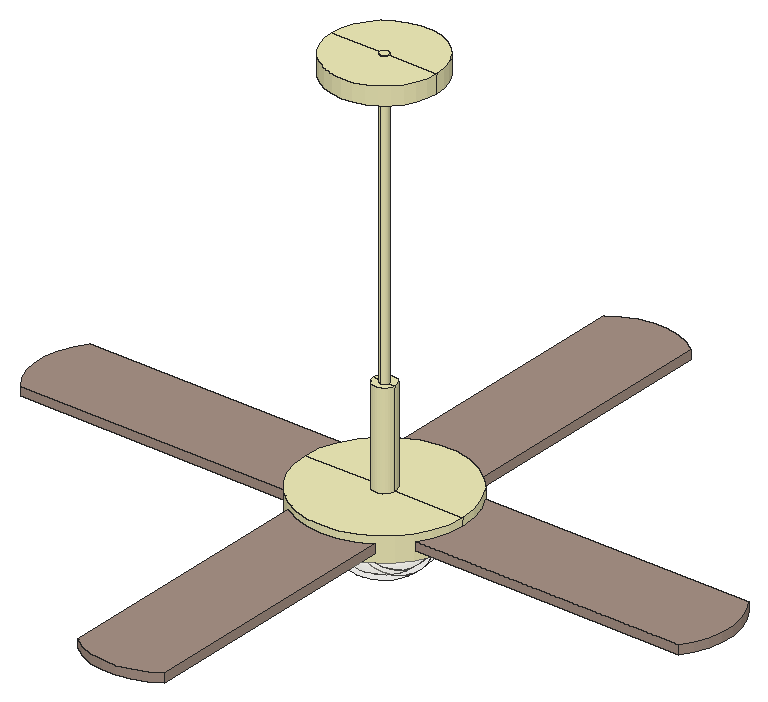
Revit family
Parameters (values of type "100 watt Incandescant")
  Wattage = 12.1178 W
  built-in parameter 1150110 = 1 (stored number, unit not read)
  built-in parameter 1114217 = 1 (stored number, unit not read)
  built-in parameter 1150109 = 1 (stored number, unit not read)
  built-in parameter 1150134 = 3
  built-in parameter 1150113 = 1 (stored number, unit not read)
  built-in parameter 1150105 = 143.24 (stored number, unit not read)
  built-in parameter 1150115 = 1 (stored number, unit not read)
  Light Source Symbol Size = 609.6 mm
  built-in parameter 1150137 = (empty or 0)
  built-in parameter 1150139 = (empty or 0)
  built-in parameter 1150112 = 1 (stored number, unit not read)
  built-in parameter 1150114 = 1 (stored number, unit not read)
  Keynote = "V"
  built-in parameter 1150132 = 2
  built-in parameter 1150102 = (empty or 0)
  built-in parameter 1150107 = 3200 (stored number, unit not read)
  built-in parameter 1150138 = (empty or 0)
  built-in parameter 1150106 = 1.4324 (stored number, unit not read)
  built-in parameter 1150104 = 13.8 (stored number, unit not read)
  Dimming Lamp Color Temperature Shift = (empty or 0)
  Color Filter = 16777215
  built-in parameter 1114218 = 1 (stored number, unit not read)
  built-in parameter 1150133 = 10 (stored number, unit not read)
  Assembly Code = "D5020220"
  Material Ceiling Mount = Metal - Brass
  Drop From Ceiling = 609.6 mm
  Material Fitting = Metal - Brass
  Material Glass = Glass - Frosted
  Lumens = 1800 lm
  Material Paddles = Wood - Walnut
  Radius Fixture = 114.3 mm
  Type Comments = "90mm Min.Radius"
  Wattage Comments = "100"
Types (3, lengths in mm): name | Wattage | built-in parameter 1150105 | built-in parameter 1150106 | Material Ceiling Mount | Drop From Ceiling | Material Fitting | Lumens | Type Comments | Wattage Comments
  (no name) | 12.1178 W | 143.24 (stored number, unit not read) | 1.4324 (stored number, unit not read) | Metal - Brass | 609.6 | Metal - Brass | 1800 lm | "90mm Min.Radius" | "100"
  100 watt Incandescant | 12.1178 W | 143.24 (stored number, unit not read) | 1.4324 (stored number, unit not read) | Metal - Brass | 609.6 | Metal - Brass | 1800 lm | "90mm Min.Radius" | "100"
  150 watt Incandescant | 18.1767 W | 214.86 (stored number, unit not read) | 2.1486 (stored number, unit not read) | Metal - Chrome | 457.2 | Metal - Chrome | 2700 lm | "90mm min Radius" | "150"
Reference planes
  plane 1 "Light Axis": y = 0
  plane 2 "Ceiling": z = 2438.4
  plane 3 "Light Axis": x = 0
  plane 4 "Light Source Elevation": z = 1828.8
  plane 5: z = 1866.9
  plane 6: z = 1854.2
Forms (mm)
  Revolve 1, solid, material "Metal - Brass" <- "Material Ceiling Mount"
    sketch origin (0, 0, 0) x (1, 0, 0) y (0, 0, 1)
      loop
        line (0, 2438.4) -> (-76.2, 2438.4) -> (-76.2, 2413) -> (0, 2377.467) -> (0, 2438.4)
      axis (0, 2438.4) -> (0, 2377.467)
    angle from 0 to 360
  Extrusion 2, solid, material "Metal - Brass" <- "Material Ceiling Mount"
    sketch origin (0, 0, 1828.8) x (0, -1, 0) y (1, 0, 0)
      loop
        circle (0, 0) r 6.35
    from 12.7 to 609.6
  Revolve 3, solid, material "Metal - Brass" <- "Material Fitting"
    sketch origin (0, 0, 0) x (0, 0, -1) y (1, 0, 0)
      loop
        line (-2012.95, 0) -> (-2012.95, -15.875) -> (-1876.875, -15.875) -> (-1876.875, -114.3) -> (-1841.5, -114.3) -> (-1841.5, -38.1) -> (-1860.55, -38.1) -> (-1860.55, 0) -> (-2012.95, 0)
      axis (-2012.95, 0) -> (-1841.5, 0)
    angle from 0 to 360
  Extrusion 4, solid, material "Wood - Walnut" <- "Material Paddles"
    sketch origin (0, 0, 1841.5) x (0, 1, 0) y (1, 0, 0)
      loop
        line (95.325, -63.069) -> (476.25, -63.069)
        arc (476.25, -63.069) -> (498.195, 0) -> (476.25, 63.069) r 101.6
        line (476.25, 63.069) -> (95.325, 63.069)
        arc (95.325, 63.069) -> (114.3, 0) -> (95.325, -63.069) r 114.3
    from -12.7 to -25.4
  Extrusion 5, solid, material "Wood - Walnut" <- "Material Paddles"
    sketch origin (0, 0, 1841.5) x (-1, 0, 0) y (0, 1, 0)
      loop
        line (95.325, -63.069) -> (476.25, -63.069)
        arc (476.25, -63.069) -> (498.195, 0) -> (476.25, 63.069) r 101.6
        line (476.25, 63.069) -> (95.325, 63.069)
        arc (95.325, 63.069) -> (114.3, 0) -> (95.325, -63.069) r 114.3
    from -12.7 to -25.4
  Extrusion 6, solid, material "Wood - Walnut" <- "Material Paddles"
    sketch origin (0, 0, 1841.5) x (0, -1, 0) y (-1, 0, 0)
      loop
        line (95.325, -63.069) -> (476.25, -63.069)
        arc (476.25, -63.069) -> (498.195, 0) -> (476.25, 63.069) r 101.6
        line (476.25, 63.069) -> (95.325, 63.069)
        arc (95.325, 63.069) -> (114.3, 0) -> (95.325, -63.069) r 114.3
    from -12.7 to -25.4
  Extrusion 7, solid, material "Wood - Walnut" <- "Material Paddles"
    sketch origin (0, 0, 1841.5) x (1, 0, 0) y (0, -1, 0)
      loop
        line (95.325, -63.069) -> (476.25, -63.069)
        arc (476.25, -63.069) -> (498.195, 0) -> (476.25, 63.069) r 101.6
        line (476.25, 63.069) -> (95.325, 63.069)
        arc (95.325, 63.069) -> (114.3, 0) -> (95.325, -63.069) r 114.3
    from -12.7 to -25.4
  Revolve 8, solid, material "Glass - Frosted" <- "Material Glass"
    sketch origin (0, 0, 0) x (1, 0, 0) y (0, 0, 1)
      loop
        line (-69.85, 1841.5) -> (-76.2, 1841.5)
        arc (-76.2, 1841.5) -> (-53.882, 1787.618) -> (0, 1765.3) r 76.2
        line (0, 1765.3) -> (0, 1771.65)
        arc (0, 1771.65) -> (-49.391, 1792.109) -> (-69.85, 1841.5) r 69.85
      axis (0, 1765.3) -> (0, 1841.5)
    angle from 0 to 360
Lines and regions (mm)
  sketch lines
    curve 1: line (-1524, 1524, 0) -> (1524, 1524, 0)
    curve 2: line (-1524, 1524, 0) -> (-1524, -1524, 0)
    curve 3: line (-1524, -1524, 0) -> (1524, -1524, 0)
    curve 4: line (1524, 1524, 0) -> (1524, -1524, 0)
Dimensions and locks
  equal spacing: curve 2, plane 3 "Light Axis", curve 4
  equal spacing: curve 3, plane 1 "Light Axis", curve 1
  curve 2 to curve 4 = 3048 mm
  curve 3 to curve 1 = 3048 mm
  "Drop From Ceiling": plane 2 "Ceiling" to plane 4 "Light Source Elevation"
  "Radius Fixture": plane 3 "Light Axis" to Revolve 3 sketch curve
  locked: plane 5 to plane 6 at 12.7
  locked: plane 6 to plane 4 "Light Source Elevation" at 25.4
  aligned and locked: plane 2 "Ceiling" to Extrusion 2
  aligned and locked: Extrusion 4 to plane 6
  aligned and locked: plane 5 to Extrusion 4
  aligned and locked: Extrusion 7 to plane 6
  aligned and locked: plane 5 to Extrusion 7
  aligned and locked: Extrusion 5 to plane 6
  aligned and locked: plane 5 to Extrusion 5
  aligned and locked: Extrusion 6 to plane 6
  aligned and locked: plane 5 to Extrusion 6
  aligned and locked: plane 3 "Light Axis" to imposter light
  aligned and locked: plane 1 "Light Axis" to imposter light
  aligned and locked: plane 4 "Light Source Elevation" to imposter light
Automatic sketch dimensions
  Revolve 1 sketch curve to plane 2 "Ceiling" = 0 mm
  Revolve 1 sketch curve to plane 3 "Light Axis" = 0 mm  (x2)
  Revolve 1 sketch curve to plane 2 "Ceiling" = 25.4 mm
  Revolve 1 sketch curve to plane 3 "Light Axis" = 76.2 mm
  Revolve 1 sketch curve to plane 2 "Ceiling" = 60.933 mm
  Revolve 1 sketch curve to Revolve 1 sketch curve = 66.067 mm
  plane 2 "Ceiling" to Revolve 1 sketch curve = 76.2 mm
  Extrusion 2 sketch curve to plane 3 "Light Axis" = 0 mm
  Extrusion 2 sketch curve to plane 1 "Light Axis" = 0 mm
  Extrusion 2 sketch curve to plane 1 "Light Axis" = 6.35 mm
  Revolve 3 sketch curve to plane 3 "Light Axis" = 0 mm  (x2)
  Revolve 3 sketch curve to plane 4 "Light Source Elevation" = 208.263 mm
  Revolve 3 sketch curve to Revolve 3 sketch curve = 24.113 mm
  Revolve 3 sketch curve to plane 4 "Light Source Elevation" = 48.075 mm
  Revolve 3 sketch curve to Revolve 3 sketch curve = 16.325 mm
  Revolve 3 sketch curve to plane 4 "Light Source Elevation" = 12.7 mm
  plane 4 "Light Source Elevation" to Revolve 3 sketch curve = 45.737 mm
  Revolve 3 sketch curve to plane 3 "Light Axis" = 15.875 mm
  Revolve 3 sketch curve to Revolve 3 sketch curve = 22.225 mm
  Revolve 8 sketch curve to plane 3 "Light Axis" = 0 mm  (x2)
  Revolve 8 sketch curve to plane 4 "Light Source Elevation" = 12.7 mm
  Revolve 8 sketch curve to plane 3 "Light Axis" = 69.85 mm
  Revolve 8 sketch curve to Revolve 8 sketch curve = 6.35 mm
  plane 4 "Light Source Elevation" to Revolve 8 sketch curve = 12.591 mm
  Revolve 8 sketch curve to Revolve 8 sketch curve = 2.645 mm
  Extrusion 7 sketch curve to plane 1 "Light Axis" = 0 mm  (x2)
  Extrusion 7 sketch curve to plane 3 "Light Axis" = 0 mm
  Extrusion 7 sketch curve to plane 1 "Light Axis" = 63.069 mm
  plane 3 "Light Axis" to Extrusion 7 sketch curve = 95.325 mm
  plane 1 "Light Axis" to Extrusion 7 sketch curve = 63.069 mm
  Extrusion 7 sketch curve to Extrusion 7 sketch curve = 301.271 mm
  Extrusion 7 sketch curve to Extrusion 7 sketch curve = 79.655 mm
  Extrusion 4 sketch curve to plane 1 "Light Axis" = 0 mm
  Extrusion 4 sketch curve to plane 3 "Light Axis" = 0 mm  (x2)
  Extrusion 4 sketch curve to plane 3 "Light Axis" = 63.069 mm
  Extrusion 4 sketch curve to plane 1 "Light Axis" = 95.325 mm
  Extrusion 4 sketch curve to Extrusion 4 sketch curve = 301.271 mm
  Extrusion 4 sketch curve to Extrusion 4 sketch curve = 79.655 mm  (x2)
  Extrusion 5 sketch curve to plane 1 "Light Axis" = 0 mm  (x2)
  Extrusion 5 sketch curve to plane 3 "Light Axis" = 0 mm
  plane 1 "Light Axis" to Extrusion 5 sketch curve = 63.069 mm
  Extrusion 5 sketch curve to plane 3 "Light Axis" = 95.325 mm
  Extrusion 5 sketch curve to Extrusion 5 sketch curve = 301.271 mm
  Extrusion 5 sketch curve to Extrusion 5 sketch curve = 79.655 mm  (x2)
  Extrusion 6 sketch curve to plane 1 "Light Axis" = 0 mm
  Extrusion 6 sketch curve to plane 3 "Light Axis" = 0 mm  (x2)
  plane 3 "Light Axis" to Extrusion 6 sketch curve = 63.069 mm
  plane 1 "Light Axis" to Extrusion 6 sketch curve = 95.325 mm
  Extrusion 6 sketch curve to Extrusion 6 sketch curve = 301.271 mm
  Extrusion 6 sketch curve to plane 3 "Light Axis" = 63.069 mm
  Extrusion 6 sketch curve to Extrusion 6 sketch curve = 79.655 mm
